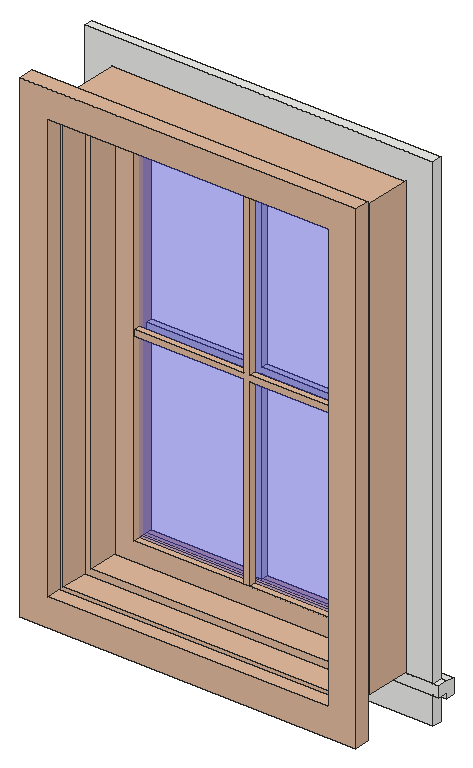
Revit family "004ab9ab086d4f1da215c608bad2c7e9", category Windows, host Wall, Revit 2021
Family settings
  Host = Wall
  OmniClass Number = 23.30.20.17.21.14
  OmniClass Title = Casement Windows
  Always vertical = Yes
  Cut with Voids When Loaded = No
  Shared = No
  Room Calculation Point = No
Parameters (values of type "24" x 36"")
  Window Inset [instance] = 0' - 0"
  Wall Thickness [instance] = 0' - 6"
  Visual Light Transmittance = 0.81
  Thermal Resistance (R) = 1.8146 (h·ft²·°F)/BTU
  Solar Heat Gain Coefficient = 0.76
  Rough Width = Width + 0' 0 1/2"  # 2' - 0 1/2"
  Rough Height = Height + 0' 0 1/2"  # 3' - 0 1/2"
  Muntin Visibility = yes
  Muntin Pattern = Muntin Pattern_2x2 : Muntin Pattern_2x2
  Interior Wall Closure [instance] = 0' - 2 1/4"
  Interior Trim Visibility [instance] = yes
  Interior Trim Material = Wood - Stained
  Interior Trim = Trim-Window-Interior-Flat : Picture Frame
  Height = 3' - 0"
  Interior Frame Material = Wood - Stained
  Heat Transfer Coefficient (U) = 0.5511 BTU/(h·ft²·°F)
  Glass Panel Material = Glass
  Frame Extension [instance] = if(Exterior Trim Visibility, Window Inset + 0' 0 1/4", 0' 0 1/4")  # 0' - 0 1/4"
  Fire Rating = "0.5h"
  Exterior Wall Closure [instance] = 0' - 1 1/4"
  Exterior Trim Visibility [instance] = yes
  Exterior Trim Material = Clad - White
  Exterior Trim = Trim-Window-Exterior-Flat : with Sill
  Exterior Frame Material = Clad - White
  Extension Jamb Visibility [instance] = and(Interior Trim Visibility, Wall Thickness - Window Inset > 0' 3 3/4")  # yes
  Extension Jamb [instance] = if(Wall Thickness - Window Inset > 0' 3 3/4", Wall Thickness - Window Inset - 0' 3 3/4", 0' 1")  # 0' - 2 1/4"
  Default Sill Height = 3' - 0"
  Wall Closure = By host
  Width = 2' - 0"
  Assembly Code = "B2020100"
  Analytic Construction = "Double glazing - domestic"
Reference planes (in)
  plane 1 "Center (Front/Back)": y = 0
  plane 2: z = 0
  plane 3 "Center (Left/Right)": x = 0
  plane 4 "Left": x = -12
  plane 5 "Right": x = 12
  plane 6 "Sill": z = 36
  plane 7 "Top": z = 72
  plane 8 "Inset Face": y = 3
  plane 9 "Wall Closure": y = -0.75
  plane 10 "Sash Face": y = 3.5
  plane 11 "Exterior": y = 3
  plane 12: x = 11.5
  plane 13: x = -11.5
  plane 14: z = 71.5
  plane 15: z = 36.5
  plane 16: x = 9.25
  plane 17: x = -9.25
  plane 18: z = 69.25
  plane 19: z = 38.75
  plane 20: y = 2.25
  plane 21 "Glass": y = 2.625
  plane 22 "Middle": z = 54
  plane 23: y = 3.75
  plane 24: y = 3.75
  plane 25 "Interior": y = -3
  plane 26 "Jamb": y = -0.75
  plane 27: y = -0.75
  plane 28: y = 1.75
  plane 29: y = 3.75
Forms (in)
  Sweep 1, solid, material "Wood - Stained" <- "Interior Frame Material"
    path origin (0, 3.5, 0) x (-1, 0, 0) y (0, 0, 1)
      loop
        line (-12, 36) -> (12, 36) -> (12, 72) -> (-12, 72) -> (-12, 36)
    profile origin (12, 3.5, 54) x (1, 0, 0) y (0, 1, 0)
      loop
        line (0, 0.25) -> (-0.5, 0.25) -> (-0.5, -1.75) -> (-1.25, -1.75) -> (-1.25, -4.25) -> (0, -4.25) -> (0, 0.25)
  Extrusion 2, solid, material "Wood - Stained" <- "Interior Frame Material", visible <- "Extension Jamb Visibility"
    sketch origin (0, 0, 0) x (1, 0, 0) y (0, 0, 1)
      loop
        line (12, 72) -> (-12, 72) -> (-12, 36) -> (12, 36) -> (12, 72)
      loop
        line (11.25, 36.75) -> (11.25, 71.25) -> (-11.25, 71.25) -> (-11.25, 36.75) -> (11.25, 36.75)
    from 0.75 to 3
  Sweep 3, solid, material "Wood - Stained" <- "Interior Frame Material"
    path origin (0, 3.5, 0) x (-1, 0, 0) y (0, 0, 1)
      loop
        line (-11.5, 36.5) -> (11.5, 36.5) -> (11.5, 71.5) -> (-11.5, 71.5) -> (-11.5, 36.5)
    profile origin (11.5, 3.5, 54) x (1, 0, 0) y (0, 1, 0)
      loop
        line (0, 0) -> (-2.25, 0) -> (-2.25, -1.75) -> (0, -1.75) -> (0, 0)
  Extrusion 4, solid, material "Glass"
    sketch origin (-27.625, 0, 36) x (0, -1, 0) y (1, 0, 0)
      loop
        line (-3, 18.375) -> (-2.75, 18.375) -> (-2.75, 36.875) -> (-3, 36.875) -> (-3, 18.375)
      loop
        line (-2.25, 36.875) -> (-2.5, 36.875) -> (-2.5, 18.375) -> (-2.25, 18.375) -> (-2.25, 36.875)
    from 2.75 to 33.25
Lines and regions (in)
  Opening 1
    outline origin (-60, -3, 0) x (1, 0, 0) y (0, 0, 1)
      loop
        line (48, 72) -> (48, 36) -> (72, 36) -> (72, 72) -> (48, 72)
  Split face 1
    outline origin (-9.25, 1.75, 38.75) x (1, 0, 0) y (0, 1, 0)
      loop
        line (0, 1.25) -> (18.5, 1.25)
  Split face 2
    outline origin (9.25, 1.75, 38.75) x (0, 0, 1) y (0, 1, 0)
      loop
        line (30.5, 1.25) -> (0, 1.25)
  Split face 3
    outline origin (-9.25, 1.75, 69.25) x (0, 0, -1) y (0, 1, 0)
      loop
        line (30.5, 1.25) -> (0, 1.25)
  Split face 4
    outline origin (9.25, 1.75, 69.25) x (0, 1, 0) y (-1, 0, 0)
      loop
        line (1.25, 18.5) -> (1.25, 0)
  symbolic lines, style "Elevation Swing"
    curve 1: line (11.5, 0, 54) -> (-11.5, 0, 36.5)
    curve 2: line (11.5, 0, 54) -> (-11.5, 0, 71.5)
Text (in)
  text "EXTERIOR" at (-58.6888, 50.90694, 0), in view "Ref. Level"
  text "INTERIOR" at (-58.6888, -37.76638, 0), in view "Ref. Level"
  text "Exterior" at (0, 43.65631, 123.19604), in view "Left"
  text "Exterior" at (0, 18.29385, 125.04747), in view "Right"
Dimensions and locks (in)
  equal spacing: plane 4 "Left", plane 3 "Center (Left/Right)", plane 5 "Right"
  "Width": plane 4 "Left" to plane 5 "Right"
  "Height": plane 6 "Sill" to plane 7 "Top"
  "Default Sill Height": plane 2 to plane 6 "Sill"
  locked: plane 10 "Sash Face" to plane 8 "Inset Face" at 0.5
  "Wall Thickness": host wall to host wall
  "Window Inset": plane 11 "Exterior" to plane 8 "Inset Face"
  locked: Sweep 1 sketch curve to plane 5 "Right" at 1.25
  locked: Sweep 1 sketch curve to plane 5 "Right" at 0.5
  locked: plane 10 "Sash Face" to Sweep 1 sketch curve at 1.75
  locked: plane 12 to plane 5 "Right" at 0.5
  locked: plane 4 "Left" to plane 13 at 0.5
  locked: plane 14 to plane 7 "Top" at 0.5
  locked: plane 6 "Sill" to plane 15 at 0.5
  locked: plane 16 to plane 12 at 2.25
  locked: plane 13 to plane 17 at 2.25
  locked: plane 18 to plane 14 at 2.25
  locked: plane 15 to plane 19 at 2.25
  locked: Extrusion 2 sketch curve to plane 7 "Top" at 0.75
  locked: Extrusion 2 sketch curve to plane 5 "Right" at 0.75
  locked: Extrusion 2 sketch curve to plane 4 "Left" at 0.75
  locked: plane 6 "Sill" to Extrusion 2 sketch curve at 0.75
  equal spacing: plane 8 "Inset Face", plane 21 "Glass", plane 20
  locked: plane 8 "Inset Face" to plane 20 at 0.75
  equal spacing: plane 6 "Sill", plane 22 "Middle", plane 7 "Top"
  locked: plane 23 to plane 11 "Exterior" at 0.75
  locked: plane 24 to plane 10 "Sash Face" at 0.25
  "Extension Jamb": plane 26 "Jamb" to plane 25 "Interior"
  locked: plane 8 "Inset Face" to plane 9 "Wall Closure" at 3.75
  "Interior Wall Closure": plane 27 to plane 25 "Interior"
  "Exterior Wall Closure": plane 11 "Exterior" to plane 28
  "Frame Extension": plane 29 to plane 10 "Sash Face"
  aligned and locked: plane 7 "Top" to Opening 1 sketch curve
  aligned and locked: plane 6 "Sill" to Opening 1 sketch curve  (x2)
  aligned and locked: plane 5 "Right" to Opening 1 sketch curve
  aligned and locked: plane 4 "Left" to Opening 1 sketch curve
  aligned and locked: level to plane 2
  aligned and locked: host wall to plane 11 "Exterior"
  aligned and locked: plane 5 "Right" to Sweep 1 sketch curve
  aligned and locked: plane 7 "Top" to Sweep 1 sketch curve
  aligned and locked: Sweep 1 sketch curve to plane 4 "Left"
  aligned and locked: Sweep 1 sketch curve to plane 6 "Sill"
  aligned and locked: Extrusion 2 sketch curve to host wall  (x3)
  aligned and locked: plane 7 "Top" to Extrusion 2 sketch curve
  aligned and locked: host wall to Extrusion 2
  aligned and locked: plane 15 to Sweep 3 sketch curve
  aligned and locked: Sweep 3 sketch curve to plane 13
  aligned and locked: Sweep 3 sketch curve to plane 14
  aligned and locked: Extrusion 4 sketch curve to plane 8 "Inset Face"
  aligned and locked: plane 20 to Extrusion 4 sketch curve
  aligned and locked: Sweep 3 to Extrusion 4 sketch curve  (x2)
  aligned and locked: Extrusion 4 sketch curve to plane 17  (x2)
  aligned and locked: plane 19 to nested 1
  aligned and locked: nested 1 to plane 21 "Glass"
  aligned and locked: plane 18 to Extrusion 4
  aligned and locked: Split face 1 sketch curve to Extrusion 4
  aligned and locked: plane 8 "Inset Face" to Split face 2 sketch curve
  aligned and locked: Split face 3 sketch curve to plane 8 "Inset Face"
  aligned and locked: Split face 4 sketch curve to plane 8 "Inset Face"
  aligned and locked: plane 25 "Interior" to host wall
  aligned and locked: plane 26 "Jamb" to Extrusion 2
  aligned and locked: plane 9 "Wall Closure" to Sweep 1
  aligned and locked: nested 2 to plane 4 "Left"
  aligned and locked: plane 11 "Exterior" to nested 2
  aligned and locked: plane 12 to Sweep 3 sketch curve
  aligned and locked: plane 22 "Middle" to curve 1
  aligned and locked: nested 2 to plane 7 "Top"
  aligned and locked: nested 1 to plane 16
  aligned and locked: nested 1 to plane 17
  aligned and locked: plane 18 to nested 1
  aligned and locked: plane 7 "Top" to nested 4
  aligned and locked: plane 3 "Center (Left/Right)" to nested 4
  aligned and locked: plane 7 "Top" to nested 3
  aligned and locked: nested 3 to plane 3 "Center (Left/Right)"
  aligned and locked: plane 29 to Sweep 1 sketch curve
Automatic sketch dimensions
  Sweep 1 sketch curve to profile plane = 0' - 0"
  Sweep 1 sketch curve to Sweep 1 sketch curve = 0' - 2 1/2"
  Sweep 3 sketch curve to plane 10 "Sash Face" = 0' - 0"
  Sweep 3 sketch curve to profile plane = 0' - 0"
  profile plane to Sweep 3 sketch curve = 0' - 2 1/4"
  Sweep 3 sketch curve to plane 10 "Sash Face" = 0' - 1 3/4"
  plane 21 "Glass" to Extrusion 4 sketch curve = 0' - 0 1/8"
  Extrusion 4 sketch curve to plane 21 "Glass" = 0' - 0 1/8"
  plane 13 to curve 2 = 0' - 0"
  plane 13 to curve 1 = 0' - 0"
  plane 12 to curve 1 = 0' - 0"
  curve 1 to plane 15 = 0' - 0"
  curve 2 to plane 14 = 0' - 0"
  Split face 1 sketch curve to Sweep 3 = 0' - 0"  (x2)
  Split face 2 sketch curve to Sweep 3 = 0' - 0"
  Sweep 3 to Split face 2 sketch curve = 0' - 0"
  Sweep 3 to Split face 3 sketch curve = 0' - 0"
  Split face 3 sketch curve to Sweep 3 = 0' - 0"
  Split face 4 sketch curve to Sweep 3 = 0' - 0"  (x2)
Nested families (in)
  nested 1: "Muntin Pattern_2x2" at (0, 2.625, 38.75), type <- "Muntin Pattern", Exterior Material <- "Exterior Frame Material", Interior Material <- "Interior Frame Material", visible <- "Muntin Visibility", type "Muntin Pattern_2x2"
    with Width 1' - 6 1/2", Interior Material Wood - Stained, Height 2' - 6 1/2", Exterior Material Clad - White
  nested 2: "Plan-Casement" at (0, 3, 36) x (-1, 0, 0) z (0, 0, 1), Width <- "Width", Window Inset <- "Window Inset", Height <- "Height", Wall Thickness <- "Wall Thickness", type "Plan-Casement"
    with Window Inset of 3D 0' - 0", Window Inset 0' - 0", Width 2' - 0", Wall Thickness 0' - 6", Top Line yes, Right Line yes, RH yes, Left Line yes, LH no, Height 3' - 0", Bottom Line yes
  nested 3: "Trim-Window-Exterior-Flat" at (0, 3, 72) x (-1, 0, 0) z (0, 1, 0), visible <- "Exterior Trim Visibility", Trim Material <- "Exterior Trim Material", Opening Width <- "Width", Opening Height <- "Height", type <- "Exterior Trim", type "with Sill"
    with Trim Material Clad - White, Opening Width 2' - 0", Opening Height 3' - 0"
  nested 4: "Trim-Window-Interior-Flat" at (0, -3, 72) x (1, 0, 0) z (0, -1, 0), visible <- "Interior Trim Visibility", Trim Material <- "Interior Trim Material", Opening Width <- "Width", Opening Height <- "Height", type <- "Interior Trim", type "Picture Frame"
    with Trim Material Wood - Stained, Opening Width 2' - 0", Opening Height 3' - 0"
Definition of nested family "Muntin Pattern_2x2"
  Parameters (values of type "Muntin Pattern_2x2")
    Width [instance] = 4' - 0"
    Thickness = 0' - 0 1/2"
    Height [instance] = 4' - 0"
    Interior Material [instance] = none
    Exterior Material [instance] = none
    Distance = 0' - 0 3/4"
    Default Elevation = 0' - 0"
  Reference planes (in)
    plane 1 "Center (Front/Back)": y = 0
    plane 2: z = 0
    plane 3 "Center (Left/Right)": x = 0
    plane 4: z = 48
    plane 5: x = -24
    plane 6: x = 24
    plane 7: z = 24
    plane 8: y = 0.375
    plane 9: y = 0.875
    plane 10: y = -0.375
    plane 11: y = -0.875
  Forms (in)
    Extrusion 1, solid, material <- "Interior Material", detail levels fine
      sketch origin (0, 0, 0) x (1, 0, 0) y (0, 0, 1)
        loop
          line (-24, 24.25) -> (-24, 23.75) -> (-0.25, 23.75) -> (-0.25, 0) -> (0.25, 0) -> (0.25, 23.75) -> (24, 23.75) -> (24, 24.25) -> (0.25, 24.25) -> (0.25, 48) -> (-0.25, 48) -> (-0.25, 24.25) -> (-24, 24.25)
      from 0.375 to 0.875
    Extrusion 2, solid, material <- "Exterior Material", detail levels fine
      sketch origin (0, 0, 0) x (1, 0, 0) y (0, 0, -1)
        loop
          line (-24, -24.25) -> (-0.25, -24.25) -> (-0.25, -48) -> (0.25, -48) -> (0.25, -24.25) -> (24, -24.25) -> (24, -23.75) -> (0.25, -23.75) -> (0.25, 0) -> (-0.25, 0) -> (-0.25, -23.75) -> (-24, -23.75) -> (-24, -24.25)
      from 0.375 to 0.875
  Lines and regions (in)
    model lines, detail levels medium
      curve 1: line (0, 0.375, 48) -> (0, 0.375, 0)
      curve 2: line (-24, -0.375, 24) -> (24, -0.375, 24)
      curve 3: line (-24, 0.375, 24) -> (24, 0.375, 24)
      curve 4: line (0, -0.375, 48) -> (0, -0.375, 0)
  Dimensions and locks (in)
    equal spacing: plane 6, plane 3 "Center (Left/Right)", plane 5
    "Width": plane 6 to plane 5
    "Height": plane 4 to plane 2
    equal spacing: plane 4, plane 7, plane 2
    locked: plane 3 "Center (Left/Right)" to Extrusion 1 sketch curve at 0.25  (x4)
    locked: Extrusion 1 sketch curve to plane 7 at 0.25  (x2)
    locked: plane 7 to Extrusion 1 sketch curve at 0.25  (x2)
    "Thickness": plane 9 to plane 8
    "Thickness": plane 10 to plane 11
    "Distance": plane 8 to plane 10
    equal spacing: plane 8, plane 1 "Center (Front/Back)", plane 10
    aligned and locked: plane 2 to level
    aligned and locked: plane 4 to curve 1
    aligned and locked: plane 5 to curve 2
    aligned and locked: plane 2 to curve 1
    aligned and locked: plane 6 to curve 2
    aligned and locked: Extrusion 1 sketch curve to plane 4
    aligned and locked: Extrusion 1 sketch curve to plane 6
    aligned and locked: Extrusion 1 sketch curve to plane 5
    aligned and locked: Extrusion 1 sketch curve to level
    aligned and locked: Extrusion 1 to plane 11
    aligned and locked: plane 10 to Extrusion 1
    aligned and locked: Extrusion 2 to plane 5
    aligned and locked: plane 6 to Extrusion 2
    aligned and locked: Extrusion 2 to plane 8
    aligned and locked: plane 9 to Extrusion 2
    aligned and locked: Extrusion 2 to plane 2
    aligned and locked: plane 4 to Extrusion 2
    aligned and locked: plane 5 to curve 3
    aligned and locked: plane 6 to curve 3
    aligned and locked: plane 4 to curve 4
    aligned and locked: plane 2 to curve 4
    aligned and locked: plane 8 to curve 3
  Automatic sketch dimensions
    curve 2 to plane 7 = 0' - 0"
    Extrusion 2 sketch curve to plane 5 = 0' - 0"
    Extrusion 2 sketch curve to level = 0' - 0"
    Extrusion 2 sketch curve to plane 4 = 0' - 0"
    Extrusion 2 sketch curve to plane 6 = 0' - 0"
    Extrusion 2 sketch curve to plane 3 "Center (Left/Right)" = 0' - 0 1/4"  (x2)
    plane 3 "Center (Left/Right)" to Extrusion 2 sketch curve = 0' - 0 1/4"  (x2)
    plane 7 to Extrusion 2 sketch curve = 0' - 0 1/4"  (x2)
    Extrusion 2 sketch curve to plane 7 = 0' - 0 1/4"  (x2)
    curve 4 to plane 3 "Center (Left/Right)" = 0' - 0"
    curve 4 to level = 0' - 0"
    curve 4 to plane 4 = 0' - 0"
    curve 3 to plane 6 = 0' - 0"
    curve 1 to plane 3 "Center (Left/Right)" = 0' - 0"
    curve 3 to plane 5 = 0' - 0"
    curve 3 to plane 7 = 0' - 0"
Definition of nested family "Trim-Window-Exterior-Flat"
  Parameters (values of type "with Sill")
    Trim Width = 0' - 2 1/4"
    Trim Thickness_Picture Frame = 0' - 1 1/4"
    Trim Thickness_with Sill = 0' - 0 3/4"
    Trim Material [instance] = none
    Sill Thickness = 0' - 1 1/4"
    Sill = yes
    Picture Frame = no
    Opening Width [instance] = 2' - 0"
    Opening Height [instance] = 3' - 0"
    Default Elevation = 4' - 0"
  Types (2): name | Sill | Picture Frame
    with Sill | yes | no
    Picture Frame | no | yes
  Reference planes (in)
    plane 1 "Center (Front/Back)": y = 0
    plane 2: z = 0
    plane 3 "Center (Left/Right)": x = 0
    plane 4: y = 2.25
    plane 5 "Left": x = -12
    plane 6 "Right": x = 12
    plane 7 "Bottom": y = -36
    plane 8: y = -37.25
    plane 9: y = -39.12332
    plane 10: x = 14.25
    plane 11: x = -14.25
    plane 12: z = 0.75
    plane 13: z = 1.25
    plane 14: x = 14.75
    plane 15: x = -14.75
    plane 16: y = -36.87332
    plane 17: y = -38.25
    plane 18: z = 0.5
    plane 19: y = -18
    plane 20: z = 1.5
  Forms (in)
    Extrusion 1, solid
      sketch origin (0, 0, 0) x (1, 0, 0) y (0, 1, 0)
        loop
          line (-14.25, 2.25) -> (-14.25, -39.12332) -> (14.25, -39.12332) -> (14.25, 2.25) -> (-14.25, 2.25)
      from 0 to -12
    Extrusion 2, solid, material <- "Trim Material", visible <- "Sill"
      sketch origin (0, 0, 0) x (1, 0, 0) y (0, 1, 0)
        loop
          line (-14.25, -36) -> (-12, -36) -> (-12, 0) -> (12, 0) -> (12, -36) -> (14.25, -36) -> (14.25, 2.25) -> (-14.25, 2.25) -> (-14.25, -36)
      from 0 to 0.75
    Extrusion 3, solid, material <- "Trim Material", visible <- "Sill"
      sketch origin (0, 0, 0) x (0, 1, 0) y (0, 0, 1)
        loop
          line (-36.09677, 1.5) -> (-37.25, 1.5) -> (-37.25, 0.75) -> (-36.87332, 0.75) -> (-36.87332, 0) -> (-36, 0) -> (-36, 0.75) -> (-36.09677, 1.5)
      from -14.75 to 14.75
    Extrusion 4, solid, material <- "Trim Material", visible <- "Sill"
      sketch origin (0, 0, 0) x (1, 0, 0) y (0, 1, 0)
        loop
          line (-14.25, -36.87332) -> (-14.25, -39.12332) -> (14.25, -39.12332) -> (14.25, -36.87332) -> (-14.25, -36.87332)
      from 0 to 0.75
    Extrusion 5, solid, material <- "Trim Material", visible <- "Picture Frame"
      sketch origin (0, 0, 0) x (1, 0, 0) y (0, 1, 0)
        loop
          line (-12, 0) -> (-12, -36) -> (12, -36) -> (12, 0) -> (-12, 0)
        loop
          line (-14.25, 2.25) -> (-14.25, -38.25) -> (14.25, -38.25) -> (14.25, 2.25) -> (-14.25, 2.25)
      from 0 to 1.25
  Dimensions and locks (in)
    equal spacing: plane 5 "Left", plane 3 "Center (Left/Right)", plane 6 "Right"
    "Opening Width": plane 5 "Left" to plane 6 "Right"
    "Opening Height": plane 7 "Bottom" to plane 1 "Center (Front/Back)"
    "Sill Thickness": plane 7 "Bottom" to plane 8
    "Trim Width": plane 11 to plane 5 "Left"
    "Trim Width": plane 6 "Right" to plane 10
    "Trim Width": plane 1 "Center (Front/Back)" to plane 4
    locked: plane 15 to plane 11 at 0.5
    locked: plane 10 to plane 14 at 0.5
    locked: plane 16 to plane 8 at 0.37668
    "Trim Width": plane 9 to plane 16
    "Trim Width": plane 17 to plane 7 "Bottom"
    locked: plane 18 to plane 2 at 0.5
    equal spacing: plane 7 "Bottom", plane 19, plane 1 "Center (Front/Back)"
    locked: plane 20 to plane 12 at 0.75
    "Trim Thickness_with Sill": plane 12 to plane 2
    "Trim Thickness_Picture Frame": plane 13 to plane 2
    aligned and locked: plane 2 to Extrusion 1
    aligned and locked: level to Extrusion 1
    aligned and locked: Extrusion 2 sketch curve to plane 5 "Left"
    aligned and locked: Extrusion 2 sketch curve to plane 11
    aligned and locked: plane 7 "Bottom" to Extrusion 2 sketch curve  (x2)
    aligned and locked: plane 1 "Center (Front/Back)" to Extrusion 2 sketch curve
    aligned and locked: plane 10 to Extrusion 2 sketch curve
    aligned and locked: Extrusion 2 sketch curve to plane 6 "Right"
    aligned and locked: plane 12 to Extrusion 2
    aligned and locked: Extrusion 3 sketch curve to level
    aligned and locked: plane 7 "Bottom" to Extrusion 3 sketch curve
    aligned and locked: Extrusion 3 sketch curve to plane 8
    aligned and locked: plane 15 to Extrusion 3
    aligned and locked: Extrusion 3 to plane 14
    aligned and locked: plane 10 to Extrusion 4 sketch curve
    aligned and locked: Extrusion 4 sketch curve to plane 11
    aligned and locked: plane 16 to Extrusion 4 sketch curve
    aligned and locked: plane 9 to Extrusion 4 sketch curve
    aligned and locked: Extrusion 4 to Extrusion 2
    aligned and locked: Extrusion 2 sketch curve to plane 4
    aligned and locked: plane 1 "Center (Front/Back)" to Extrusion 5 sketch curve
    aligned and locked: Extrusion 5 sketch curve to plane 4
    aligned and locked: Extrusion 5 sketch curve to plane 17
    aligned and locked: plane 7 "Bottom" to Extrusion 5 sketch curve
    aligned and locked: Extrusion 5 sketch curve to plane 6 "Right"
    aligned and locked: plane 10 to Extrusion 5 sketch curve
    aligned and locked: Extrusion 5 sketch curve to plane 5 "Left"
    aligned and locked: Extrusion 5 sketch curve to plane 11
    aligned and locked: plane 13 to Extrusion 5
    aligned and locked: plane 20 to Extrusion 3
  Automatic sketch dimensions
    Extrusion 1 sketch curve to Extrusion 1 sketch curve = 2' - 4 1/2"
    Extrusion 1 sketch curve to Extrusion 1 sketch curve = 3' - 5.37332"
    Extrusion 3 sketch curve to plane 16 = 0' - 0"
    Extrusion 3 sketch curve to plane 12 = 0' - 0"  (x2)
    Extrusion 3 sketch curve to plane 7 "Bottom" = 0' - 0.09677"
    plane 13 to Extrusion 3 sketch curve = 0' - 0 1/4"
Definition of nested family "Trim-Window-Interior-Flat"
  Parameters (values of type "with Sill")
    Trim Thickness_Picture Frame = 0' - 1 1/4"
    Trim Width = 0' - 2 1/4"
    Trim Thickness_with Sill = 0' - 0 3/4"
    Trim Material [instance] = none
    Sill Thickness = 0' - 1 1/4"
    Sill = yes
    Picture Frame = no
    Opening Width [instance] = 2' - 0"
    Opening Height [instance] = 3' - 0"
    Default Elevation = 4' - 0"
  Types (2): name | Sill | Picture Frame
    with Sill | yes | no
    Picture Frame | no | yes
  Reference planes (in)
    plane 1 "Center (Front/Back)": y = 0
    plane 2: z = 0
    plane 3 "Center (Left/Right)": x = 0
    plane 4: y = 1.75
    plane 5 "Left": x = -12
    plane 6 "Right": x = 12
    plane 7 "Bottom": y = -36
    plane 8: y = -37.25
    plane 9: y = -39.12332
    plane 10: x = 13.75
    plane 11: x = -13.75
    plane 12: z = 0.75
    plane 13: z = 1.25
    plane 14: x = 14.25
    plane 15: x = -14.25
    plane 16: y = -36.87332
    plane 17: y = -37.75
    plane 18: z = 0.5
    plane 19: x = -11.5
    plane 20: y = -0.5
    plane 21: x = 11.5
    plane 22: y = -35.5
    plane 23: x = -13.25
    plane 24: x = 13.25
    plane 25: y = -18
  Forms (in)
    Extrusion 1, solid
      sketch origin (0, 0, 0) x (1, 0, 0) y (0, 1, 0)
        loop
          line (-13.75, 1.75) -> (-13.75, -37.75) -> (13.75, -37.75) -> (13.75, 1.75) -> (-13.75, 1.75)
      from 0 to -12
    Extrusion 2, solid, material <- "Trim Material", visible <- "Sill"
      sketch origin (0, 0, 0) x (1, 0, 0) y (0, 1, 0)
        loop
          line (-13.25, -36) -> (-11.5, -36) -> (-11.5, 0) -> (11.5, 0) -> (11.5, -36) -> (13.25, -36) -> (13.25, 1.75) -> (-13.25, 1.75) -> (-13.25, -36)
      from 0 to 0.75
    Extrusion 3, solid, material <- "Trim Material", visible <- "Sill"
      sketch origin (0, 0, 0) x (0, 1, 0) y (0, 0, 1)
        loop
          line (-36.5, 1.5) -> (-36.87332, 1.5) -> (-36.87332, 0) -> (-36, 0) -> (-36, 1)
          arc (-36, 1) -> (-36.14645, 1.35355) -> (-36.5, 1.5) r 0.5
      from -13.75 to 13.75
    Extrusion 4, solid, material <- "Trim Material", visible <- "Sill"
      sketch origin (0, 0, 0) x (1, 0, 0) y (0, 1, 0)
        loop
          line (-13.25, -36.87332) -> (-13.25, -39.12332) -> (13.25, -39.12332) -> (13.25, -36.87332) -> (-13.25, -36.87332)
      from 0 to 0.75
    Extrusion 5, solid, material <- "Trim Material", visible <- "Picture Frame"
      sketch origin (0, 0, 0) x (1, 0, 0) y (0, 1, 0)
        loop
          line (-11.5, -0.5) -> (-11.5, -35.5) -> (11.5, -35.5) -> (11.5, -0.5) -> (-11.5, -0.5)
        loop
          line (-13.75, 1.75) -> (-13.75, -37.75) -> (13.75, -37.75) -> (13.75, 1.75) -> (-13.75, 1.75)
      from 0 to 1.25
  Dimensions and locks (in)
    equal spacing: plane 5 "Left", plane 3 "Center (Left/Right)", plane 6 "Right"
    "Opening Width": plane 5 "Left" to plane 6 "Right"
    "Opening Height": plane 7 "Bottom" to plane 1 "Center (Front/Back)"
    "Sill Thickness": plane 7 "Bottom" to plane 8
    "Trim Width": plane 11 to plane 19
    "Trim Width": plane 21 to plane 10
    "Trim Width": plane 20 to plane 4
    "Trim Thickness_with Sill": plane 12 to plane 2
    locked: plane 15 to plane 11 at 0.5
    locked: plane 10 to plane 14 at 0.5
    locked: plane 16 to plane 8 at 0.37668
    "Trim Width": plane 9 to plane 16
    "Trim Width": plane 17 to plane 22
    plane 20 to plane 1 "Center (Front/Back)" = 0' - 0 1/2"
    plane 5 "Left" to plane 19 = 0' - 0 1/2"
    plane 21 to plane 6 "Right" = 0' - 0 1/2"
    plane 22 to plane 7 "Bottom" = 0' - 0 1/2"
    locked: plane 11 to plane 23 at 0.5
    locked: plane 24 to plane 10 at 0.5
    equal spacing: plane 7 "Bottom", plane 25, plane 1 "Center (Front/Back)"
    "Trim Thickness_Picture Frame": plane 13 to plane 2
    locked: Extrusion 3 to plane 12 at 0.75
    locked: plane 12 to Extrusion 3 sketch curve at 0.75
    radius of Extrusion 3 sketch curve = 0' - 0 1/2"
    aligned and locked: plane 2 to Extrusion 1
    aligned and locked: level to Extrusion 1
    aligned and locked: plane 7 "Bottom" to Extrusion 2 sketch curve  (x2)
    aligned and locked: plane 1 "Center (Front/Back)" to Extrusion 2 sketch curve
    aligned and locked: plane 12 to Extrusion 2
    aligned and locked: Extrusion 3 sketch curve to level
    aligned and locked: plane 7 "Bottom" to Extrusion 3 sketch curve
    aligned and locked: plane 16 to Extrusion 4 sketch curve
    aligned and locked: plane 9 to Extrusion 4 sketch curve
    aligned and locked: Extrusion 2 sketch curve to plane 4
    aligned and locked: Extrusion 5 sketch curve to plane 4
    aligned and locked: Extrusion 5 sketch curve to plane 17
    aligned and locked: plane 10 to Extrusion 5 sketch curve
    aligned and locked: Extrusion 5 sketch curve to plane 11
    aligned and locked: plane 13 to Extrusion 5
    aligned and locked: Extrusion 5 sketch curve to plane 20
    aligned and locked: Extrusion 5 sketch curve to plane 19
    aligned and locked: Extrusion 5 sketch curve to plane 21
    aligned and locked: plane 22 to Extrusion 5 sketch curve
    aligned and locked: Extrusion 4 to plane 24
    aligned and locked: plane 11 to Extrusion 3
    aligned and locked: Extrusion 3 to plane 10
    aligned and locked: Extrusion 2 sketch curve to plane 21
    aligned and locked: Extrusion 2 sketch curve to plane 24
    aligned and locked: Extrusion 2 sketch curve to plane 19
    aligned and locked: Extrusion 2 sketch curve to plane 23
    aligned and locked: plane 12 to Extrusion 4
  Automatic sketch dimensions
    Extrusion 1 sketch curve to Extrusion 1 sketch curve = 2' - 3 1/2"
    Extrusion 1 sketch curve to Extrusion 1 sketch curve = 3' - 3 1/2"
    Extrusion 3 sketch curve to plane 16 = 0' - 0"
    Extrusion 4 sketch curve to plane 11 = 0' - 0 1/2"
    Extrusion 4 sketch curve to plane 24 = 0' - 0"
Definition of nested family "Plan-Casement"
  Parameters (values of type "Plan-Casement")
    Window Inset [instance] = 0' - 1"
    Window Inset of 3D [instance] = if(Window Inset - 0' 0 1/2" < 0' 0", 0' 0", if(Window Inset - 0' 0 1/2" < Wall Thickness - 0' 3 1/2", Window Inset - 0' 0 1/2", Wall Thickness - 0' 3 1/2"))  # 0' - 0 1/2"
    Width [instance] = 4' - 0"
    Wall Thickness [instance] = 0' - 6"
    Top Line [instance] = yes
    Right Line [instance] = yes
    RH [instance] = yes
    Left Line [instance] = yes
    LH [instance] = yes
    Height [instance] = 3' - 0"
    Default Elevation = 4' - 0"
    Bottom Line [instance] = yes
    Analytic Construction = "<None>"
  Reference planes (in)
    plane 1 "Center (Front/Back)": y = 0
    plane 2: z = 0
    plane 3 "Center (Left/Right)": x = 0
    plane 4: x = -24
    plane 5: x = 24
    plane 6 "Jamb": y = -4
    plane 7: x = -23.5
    plane 8: x = -22.75
    plane 9: y = -0.5
    plane 10: y = -2.25
    plane 11: y = -1.375
    plane 12: x = -21.25
    plane 13: x = 23.5
    plane 14: x = 22.75
    plane 15: x = 21.25
    plane 16 "Window Inset": y = -1
    plane 17 "Wall": y = -6
    plane 18: z = 36
    plane 19: z = 35.5
    plane 20: z = 0.5
    plane 21: z = 34.75
    plane 22: z = 1.25
    plane 23: z = 33.25
    plane 24: z = 2.75
  Lines and regions (in)
    Masking region 1
      outline origin (0, 0.75, 0) x (1, 0, 0) y (0, 1, 0)
        loop
          line (-24, -0.75) -> (-24, -6.75) -> (24, -6.75) -> (24, -0.75) -> (-24, -0.75)
    Masking region 2
      outline origin (0, 0, 0) x (0, 1, 0) y (0, 0, 1)
        loop
          line (0, 36) -> (-6, 36) -> (-6, 0) -> (0, 0) -> (0, 36)
    symbolic lines
      curve 1: line (-23.5, -2.25, 0) -> (-22.75, -2.25, 0)
      curve 2: line (-22.75, -2.25, 0) -> (-22.75, -4, 0)
      curve 3: line (-23.5, -0.5, 0) -> (-23.5, -2.25, 0)
      curve 4: line (-21.25, -0.5, 0) -> (-21.25, -2.25, 0)
      curve 5: line (-21.25, -2.25, 0) -> (-22.75, -2.25, 0)
      curve 6: line (-21.25, -1.375, 0) -> (21.25, -1.375, 0)
      curve 7: line (23.5, -2.25, 0) -> (22.75, -2.25, 0)
      curve 8: line (22.75, -2.25, 0) -> (22.75, -4, 0)
      curve 9: line (23.5, -0.5, 0) -> (23.5, -2.25, 0)
      curve 10: line (21.25, -0.5, 0) -> (21.25, -2.25, 0)
      curve 11: line (21.25, -2.25, 0) -> (22.75, -2.25, 0)
      curve 14: line (-24, -4, 0) -> (-22.75, -4, 0)
      curve 15: line (22.75, -4, 0) -> (24, -4, 0)
      curve 16: line (22.75, -4, 0) -> (-22.75, -4, 0)
      curve 17: line (0, -0.5, 35.5) -> (0, -2.25, 35.5)
      curve 18: line (0, -2.25, 34.75) -> (0, -4, 34.75)
      curve 19: line (0, -0.5, 0.5) -> (0, -2.25, 0.5)
      curve 20: line (0, -2.25, 0.5) -> (0, -2.25, 2.75)
      curve 21: line (0, -2.25, 1.25) -> (0, -4, 1.25)
      curve 22: line (0, -0.5, 36) -> (0, -0.5, 33.25)
      curve 23: line (0, -0.5, 33.25) -> (0, -2.25, 33.25)
      curve 24: line (0, -2.25, 2.75) -> (0, -0.5, 2.75)
      curve 25: line (0, -1.375, 2.75) -> (0, -1.375, 33.25)
      curve 28: line (0, -2.25, 35.5) -> (0, -2.25, 33.25)
      curve 29: line (21.25, -0.5, 0) -> (24, -0.5, 0)
      curve 30: line (-21.25, -0.5, 0) -> (-24, -0.5, 0)
      curve 31: line (0, -0.5, 2.75) -> (0, -0.5, 0)
      curve 32: line (-21.25, -0.5, 0) -> (21.25, -0.5, 0)
      curve 33: line (0, -0.5, 33.25) -> (0, -0.5, 2.75)
      curve 38: line (0, -4, 1.25) -> (0, -4, 34.75)
      curve 39: line (0, -4, 1.25) -> (0, -4, 0)
      curve 40: line (0, -4, 36) -> (0, -4, 34.75)
    symbolic lines, visible <- "RH"
      curve 12: arc (-23.5, -0.5, 0) -> (-19.92234, 17.48612, 0) -> (-9.73402, 32.73402, 0) r 47
      curve 26: line (23.5, -0.5, 0) -> (-9.73402, 32.73402, 0)
    symbolic lines, visible <- "LH"
      curve 13: line (-23.5, -0.5, 0) -> (9.73402, 32.73402, 0)
      curve 27: arc (23.5, -0.5, 0) -> (19.92234, 17.48612, 0) -> (9.73402, 32.73402, 0) r 47
    symbolic lines, visible <- "Right Line"
      curve 34: line (24, 0, 0) -> (24, -6, 0)
    symbolic lines, visible <- "Left Line"
      curve 35: line (-24, 0, 0) -> (-24, -6, 0)
    symbolic lines, visible <- "Top Line"
      curve 36: line (0, 0, 36) -> (0, -6, 36)
    symbolic lines, visible <- "Bottom Line"
      curve 37: line (0, 0, 0) -> (0, -6, 0)
  Dimensions and locks (in)
    "Width": plane 4 to plane 5
    equal spacing: plane 4, plane 3 "Center (Left/Right)", plane 5
    plane 4 to plane 7 to plane 8 = 0' - 0 1/2" locked, 0' - 0 3/4" locked
    equal spacing: plane 9, plane 11, plane 10
    locked: plane 7 to plane 12 at 2.25
    plane 5 to plane 13 to plane 14 = 0' - 0 1/2" locked, 0' - 0 3/4" locked
    locked: plane 13 to plane 15 at 2.25
    locked: plane 9 to plane 16 "Window Inset" at 0.5
    locked: plane 9 to plane 10 at 1.75
    "Wall Thickness": plane 17 "Wall" to plane 1 "Center (Front/Back)"
    "Height": plane 18 to plane 2
    locked: plane 18 to plane 19 at 0.5
    locked: plane 20 to plane 2 at 0.5
    locked: plane 19 to plane 21 at 0.75
    locked: plane 22 to plane 20 at 0.75
    locked: plane 19 to plane 23 at 2.25
    locked: plane 24 to plane 20 at 2.25
    locked: plane 10 to plane 6 "Jamb" at 1.75
    "Window Inset of 3D": plane 9 to plane 1 "Center (Front/Back)"
    locked: plane 9 to curve 13 (angle 45.00°)
    angle curve 26 to plane 16 "Window Inset" = 45.00°
    aligned and locked: plane 2 to level
    aligned and locked: curve 2 to plane 8
    aligned and locked: curve 1 to plane 10
    aligned and locked: plane 14 to curve 8
    aligned and locked: curve 14 to plane 6 "Jamb"
    aligned and locked: curve 15 to plane 6 "Jamb"
    aligned and locked: plane 21 to curve 18
    aligned and locked: plane 19 to curve 17
    aligned and locked: plane 22 to curve 21
    aligned and locked: plane 10 to curve 20
    aligned and locked: plane 20 to curve 19
    aligned and locked: curve 22 to plane 9
    aligned and locked: plane 23 to curve 23
    aligned and locked: curve 24 to plane 24
    aligned and locked: plane 11 to curve 25
    aligned and locked: plane 13 to curve 27
    aligned and locked: plane 9 to curve 13
    aligned and locked: plane 9 to curve 26
    aligned and locked: plane 5 to curve 29
    aligned and locked: plane 18 to curve 22
    aligned and locked: plane 9 to curve 17
    aligned and locked: plane 9 to curve 19
    aligned and locked: plane 9 to curve 3
    aligned and locked: plane 9 to curve 9
    aligned and locked: curve 28 to plane 10
    aligned and locked: plane 19 to curve 28
    aligned and locked: plane 23 to curve 28
    aligned and locked: plane 4 to curve 30
    aligned and locked: plane 9 to curve 31
    aligned and locked: plane 2 to curve 31
    aligned and locked: curve 32 to plane 9
    aligned and locked: plane 12 to curve 32
    aligned and locked: plane 15 to curve 32
    aligned and locked: plane 24 to curve 33
    aligned and locked: plane 1 "Center (Front/Back)" to curve 34
    aligned and locked: plane 17 "Wall" to curve 34
    aligned and locked: curve 34 to plane 5
    aligned and locked: plane 17 "Wall" to curve 35
    aligned and locked: plane 1 "Center (Front/Back)" to curve 35
    aligned and locked: curve 35 to plane 4
    aligned and locked: plane 17 "Wall" to curve 37
    aligned and locked: plane 1 "Center (Front/Back)" to curve 37
    aligned and locked: curve 37 to plane 2
    aligned and locked: plane 17 "Wall" to curve 36
    aligned and locked: plane 1 "Center (Front/Back)" to curve 36
    aligned and locked: curve 36 to plane 18
    aligned and locked: plane 1 "Center (Front/Back)" to Masking region 1 sketch curve
    aligned and locked: plane 17 "Wall" to Masking region 1 sketch curve
    aligned and locked: plane 4 to Masking region 1 sketch curve
    aligned and locked: Masking region 1 sketch curve to plane 5
    aligned and locked: plane 2 to Masking region 2 sketch curve
    aligned and locked: Masking region 2 sketch curve to plane 18
    aligned and locked: plane 1 "Center (Front/Back)" to Masking region 2 sketch curve
    aligned and locked: plane 17 "Wall" to Masking region 2 sketch curve
    aligned and locked: plane 6 "Jamb" to curve 21
    aligned and locked: plane 6 "Jamb" to curve 18
    aligned and locked: plane 10 to curve 18
    aligned and locked: plane 10 to curve 21
    aligned and locked: plane 22 to curve 39
    aligned and locked: plane 21 to curve 40
    aligned and locked: plane 6 "Jamb" to curve 40
  Automatic sketch dimensions
    curve 3 to plane 7 = 0' - 0"
    curve 27 to plane 7 = 0' - 0"
    curve 12 to plane 13 = 0' - 0"
    curve 7 to plane 10 = 0' - 0"
    curve 6 to plane 11 = 0' - 0"
